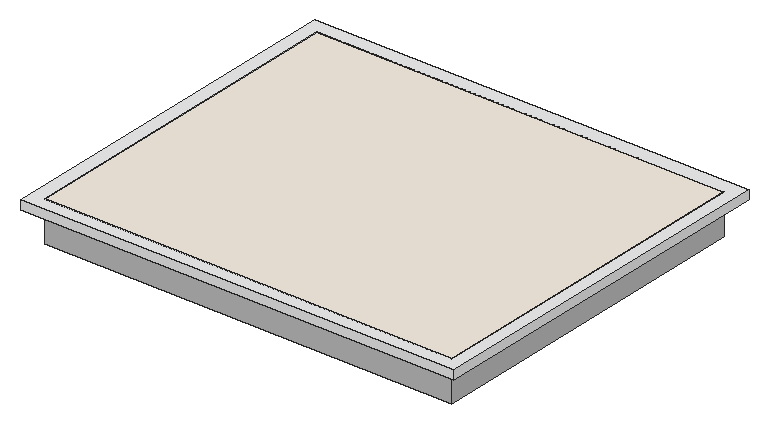
Revit family "Lighting-Industrial-GEWISS-ELIA-HL-LED_HIGHBAY", category Apparecchi per illuminazione, host Superficie, Revit 2019 (continued)
Types (12, lengths in mm): name | Weight (kg): | Weight (kg) | Voltage | Technical sheet | System power | Optic | built-in parameter 1150142 | Lumen output (lm) | Model | IDT | File diagramma fotometrico | Description
    .26 5068.28 4883.13 4706.03 4537.78 4378.39 \r\n4227.86 4087.79 3954.16 3822.95 3694.95 3569.37 3447.82 \r\n3332.70 3222.42 3116.96 3015.53 2917.32 2821.53 2731.37 \r\n2644.43 2558.29 2473.77 2392.46 2311.96 2232.27 2154.18 \r\n2080.12 2007.67 1937.63 1869.21 1799.98 1731.56 1663.13 \r\n1595.43 1526.68 1459.30 1394.90 1333.40 1274.72 1219.82 \r\n1170.23 1123.62 1078.30 1034.67 992.24 951.35 912.71 \r\n875.36 838.49 801.94 765.47 729.41 693.91 659.94 628.30 \r\n598.68 571.07 544.82 519.39 494.35 469.15 444.92 422.95 \r\n402.26 382.21 362.81 343.57 324.82 306.87 289.88 274.34 \r\n259.45 244.48 230.07 216.46 203.42 190.87 179.03 167.92 \r\n157.22 146.34 135.43 124.31 113.36 102.90 92.91 83.52 \r\n74.60 66.02 57.82 49.99 42.59 35.71 29.29 23.21 17.73 \r\n13.13 9.33 6.40 4.34 3.17 2.88 \r\n8062.88 8064.49 8065.29 8066.90 8069.32 8072.54 8075.76 \r\n8079.78 8083.81 8088.64 8093.47 8099.91 8106.35 8113.59 \r\n8121.64 8129.69 8137.74 8145.79 8153.84 8162.70 8171.55 \r\n8180.41 8190.07 8198.12 8207.78 8215.83 8224.68 8232.73 \r\n8240.78 8247.22 8253.66 8260.10 8264.13 8267.35 8269.76 \r\n8270.57 8270.57 8268.96 8265.74 8261.71 8254.47 8246.42 \r\n8236.76 8224.68 8211.00 8194.90 8177.99 8158.67 8136.13 \r\n8111.98 8083.81 8055.63 8023.43 7988.82 7950.98 7909.93 \r\n7864.85 7815.74 7762.61 7703.85 7640.25 7571.02 7496.16 \r\n7414.05 7325.50 7229.70 7126.66 7018.79 6904.48 6785.34 \r\n6658.96 6523.72 6378.82 6222.65 6051.18 5859.59 5658.34 \r\n5459.51 5262.28 5069.89 4883.93 4705.22 4537.78 4378.39 \r\n4230.27 4091.01 3958.99 3825.36 3696.56 3572.59 3453.45 \r\n3337.53 3225.64 3117.77 3014.73 2914.91 2819.92 2728.95 \r\n2640.40 2554.27 2470.55 2389.24 2309.55 2230.66 2152.57 \r\n2078.51 2006.87 1936.83 1867.60 1799.98 1731.56 1663.93 \r\n1595.67 1527.25 1459.63 1393.62 1330.67 1272.71 1218.85 \r\n1169.58 1123.22 1078.06 1034.59 992.40 951.67 913.11 \r\n875.76 838.97 802.42 765.56 729.17 693.35 658.97 627.18 \r\n597.55 570.50 544.66 519.39 494.51 469.31 445.08 423.35 \r\n402.82 382.86 363.54 344.38 325.86 308.07 291.25 275.63 \r\n260.74 245.53 230.71 216.79 203.50 191.03 179.19 168.25 \r\n157.53 146.67 135.73 124.47 113.38 102.88 92.91 83.54 \r\n74.64 66.00 57.75 49.89 42.48 35.60 29.19 23.10 17.63 \r\n13.07 9.32 6.40 4.33 3.16 2.87 \r\n8062.88 8064.49 8065.29 8066.90 8069.32 8072.54 8075.76 \r\n8079.78 8083.00 8087.83 8093.47 8099.91 8106.35 8113.59 \r\n8120.84 8128.89 8136.94 8145.79 8153.84 8162.70 8171.55 \r\n8180.41 8189.26 8198.12 8206.97 8216.63 8224.68 8232.73 \r\n8239.98 8247.22 8253.66 8259.30 8263.32 8266.54 8269.76 \r\n8271.37 8270.57 8268.96 8265.74 8260.91 8254.47 8246.42 \r\n8235.95 8224.68 8211.00 8195.70 8178.80 8158.67 8136.94 \r\n8112.79 8085.42 8056.44 8024.24 7990.43 7952.59 7910.73 \r\n7866.46 7818.16 7765.03 7707.07 7643.47 7574.24 7498.57 \r\n7417.27 7329.52 7232.92 7129.88 7021.21 6906.09 6786.15 \r\n6659.76 6525.33 6381.23 6225.06 6055.21 5863.62 5663.98 \r\n5463.53 5264.70 5070.69 4883.13 4705.22 4536.17 4379.20 \r\n4232.69 4094.23 3962.21 3828.58 3698.17 3576.62 3458.28 \r\n3341.56 3228.86 3118.57 3013.92 2914.10 2818.31 2724.93 \r\n2636.38 2550.24 2467.33 2386.83 2307.93 2229.05 2151.77 \r\n2077.71 2004.45 1934.42 1865.99 1798.37 1730.75 1663.13 \r\n1595.83 1527.57 1459.79 1392.33 1328.09 1270.77 1217.88 \r\n1168.94 1122.65 1077.73 1034.51 992.48 951.99 913.59 \r\n876.24 839.45 802.99 765.80 728.93 692.78 658.09 626.29 \r\n596.75 570.02 544.58 519.47 494.67 469.48 445.33 423.67 \r\n403.39 383.50 364.34 345.26 326.91 309.20 292.46 276.92 \r\n261.87 246.41 231.28 217.03 203.58 191.19 179.43 168.41 \r\n157.82 146.97 135.99 124.61 113.38 102.87 92.91 83.58 \r\n74.68 65.99 57.68 49.80 42.38 35.50 29.09 22.99 17.52 \r\n13.01 9.31 6.39 4.32 3.15 2.86 \r\n8062.88 8064.49 8066.10 8067.71 8069.32 8072.54 8075.76 \r\n8079.78 8083.81 8088.64 8093.47 8099.10 8106.35 8113.59 \r\n8121.64 8129.69 8137.74 8145.79 8153.84 8162.70 8171.55 \r\n8179.60 8189.26 8198.12 8206.97 8215.83 8223.88 8231.93 \r\n8239.98 8247.22 8253.66 8259.30 8263.32 8267.35 8269.76 \r\n8270.57 8270.57 8268.96 8266.54 8261.71 8255.27 8247.22 \r\n8236.76 8224.68 8211.00 8196.51 8179.60 8159.48 8137.74 \r\n8113.59 8086.22 8057.24 8025.85 7990.43 7952.59 7912.34 \r\n7867.26 7818.96 7766.64 7708.68 7645.08 7575.85 7500.18 \r\n7418.88 7331.13 7234.53 7131.49 7022.01 6906.90 6787.76 \r\n6660.57 6526.13 6382.04 6226.67 6057.62 5867.64 5668.00 \r\n5466.75 5267.11 5070.69 4882.32 4703.61 4535.37 4380.00 \r\n4234.30 4097.45 3965.43 3830.19 3699.78 3579.03 3462.31 \r\n3346.39 3232.08 3120.99 3012.31 2912.49 2816.70 2722.51 \r\n2632.35 2547.02 2464.91 2384.41 2305.52 2228.24 2150.96 \r\n2076.09 2002.84 1933.61 1865.19 1796.76 1729.95 1663.13 \r\n1595.83 1527.73 1459.79 1391.12 1325.84 1269.00 1217.08 \r\n1168.30 1122.17 1077.41 1034.34 992.65 952.40 914.00 \r\n876.65 839.94 803.47 766.04 728.85 692.30 657.52 625.57 \r\n596.18 569.62 544.66 519.55 494.83 469.72 445.49 424.07 \r\n403.95 384.15 364.91 346.15 327.88 310.25 293.58 277.97 \r\n262.83 247.14 231.84 217.35 203.75 191.27 179.60 168.73 \r\n158.07 147.21 136.18 124.69 113.38 102.85 92.91 83.60 \r\n74.72 65.99 57.62 49.72 42.29 35.41 29.01 22.90 17.44 \r\n12.95 9.30 6.38 4.31 3.14 2.85 \r\n8062.88 8064.49 8066.10 8067.71 8069.32 8072.54 8075.76 \r\n8078.98 8083.81 8088.64 8093.47 8099.91 8106.35 8114.40 \r\n8120.84 8128.89 8136.94 8144.99 8154.65 8162.70 8170.75 \r\n8180.41 8188.46 8198.12 8207.78 8215.83 8223.88 8231.93 \r\n8239.98 8246.42 8254.47 8259.30 8264.13 8267.35 8268.96 \r\n8270.57 8270.57 8268.96 8265.74 8260.91 8254.47 8246.42 \r\n8236.76 8223.88 8211.00 8196.51 8180.41 8159.48 8138.55 \r\n8112.79 8085.42 8058.05 8025.85 7990.43 7953.40 7911.54 \r\n7868.07 7819.77 7766.64 7708.68 7645.89 7576.66 7500.99 \r\n7420.49 7331.94 7235.34 7132.30 7022.82 6906.90 6787.76 \r\n6658.96 6525.33 6382.04 6225.87 6056.82 5868.45 5670.42 \r\n5467.56 5266.31 5071.50 4881.52 4702.81 4533.76 4379.20 \r\n4235.91 4099.06 3967.04 3831.80 3701.39 3582.25 3466.33 \r\n3348.80 3234.49 3121.79 3012.31 2910.88 2815.89 2720.90 \r\n2629.13 2543.80 2461.69 2382.80 2303.91 2226.63 2149.35 \r\n2075.29 2002.84 1932.00 1864.38 1796.76 1729.14 1663.13 \r\n1595.83 1527.89 1459.79 1390.07 1324.06 1267.55 1216.36 \r\n1167.89 1121.85 1077.25 1034.26 992.73 952.64 914.32 \r\n876.97 840.42 803.87 766.20 728.85 692.14 657.04 625.16 \r\n595.70 569.46 544.66 519.71 494.91 469.80 445.81 424.40 \r\n404.27 384.63 365.47 346.79 328.60 311.05 294.47 278.85 \r\n263.56 247.78 232.16 217.51 203.83 191.43 179.68 168.89 \r\n158.26 147.38 136.32 124.76 113.38 102.85 92.91 83.62 \r\n74.75 65.99 57.59 49.65 42.21 35.34 28.95 22.83 17.36 \r\n12.91 9.28 6.38 4.30 3.13 2.85 \r\n" | "16100" | "GWF1000ML840" | "eec970ad-13a1-47b5-b042-b06eff3be9c4" | "GWF1000ML840.IES" | "ELIA HL M2 90° 4000K S.ALONE ON/OFF"
